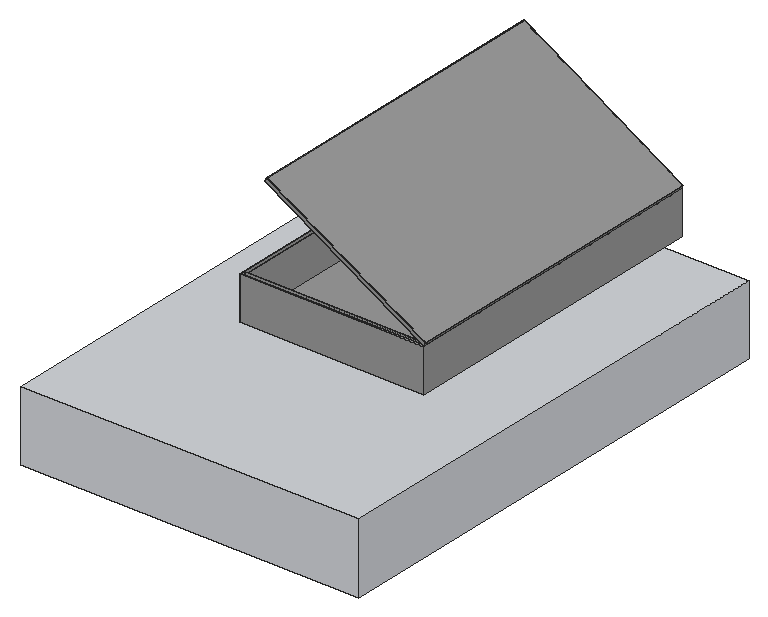
Revit family "Hager-Univers-IP54-D205-H1400-Cl.I-Encl-CH-fr", category Equipement électrique, Revit 2020
Family settings
  Hôte = Face
  Configuration du panneau = Deux colonnes, circuits au sein
  Cote de connecteur circulaire = Utiliser le diamètre
  Type d'élément = Tableau de raccordement
  Couper avec des vides une fois chargée = Non
  Partagée = Non
  Point de calcul de pièce = Non
Parameters (values of type "saillie IP54 L800 H1400 P205  - FP93TW2")
  Width Control [instance] = if([EF000008 - largeur] > Min Width, [EF000008 - largeur], Min Width)  # 800 mm
  Commentaires du type = [HG000003 - Gamme]  # "Univers"
  Thickness Door [instance] = if([EF009171 - épaisseur de matériau de la porte/du couvercle] > 3 mm, 3 mm, [EF009171 - épaisseur de matériau de la porte/du couvercle])  # 1 mm
  Seal Frame Offset [instance] = 17 mm  # constant formula
  Plinth Visibility [instance] = [HG000027 - Hauteur du socle] > 0 mm  # no
  Model = ""
  Min Width [instance] = 100 mm  # constant formula
  Min Height [instance] = 100 mm  # constant formula
  Min Depth [instance] = (2 * [EF009170 - épaisseur de matériau du boîtier]) + 1 mm  # 3 mm
  Internal Frame Depth [instance] = (Door System Depth * 0.5)  # 9 mm
  Height Control [instance] = if([EF000040 - hauteur] > Min Height, [EF000040 - hauteur], Min Height)  # 1400 mm
  HG000027 - Hauteur du socle = 0 mm
  HG000026 - Installation au sol = no
  HG000024 - Hauteur de la section basse = 800 mm
  HG000023 - Armoire double section = no
  HG000016 - Visibilité de la porte 3D [instance] = yes
  HG000015 - Visibilité de l'emprise de la porte [instance] = no
  HG000014 - Porte à droite [instance] = yes
  HG000013 - Porte à gauche [instance] = not([HG000014 - Porte à droite])  # no
  HG000012 - Angle de pivotement de la porte [instance] = 30.00°
  HG000010 - Portes asymétriques = no
  HG000009 - Porte à double battant = no
  HG000006 - Encastré = no
  HG000004 - Référence fabricant = "FP93TW2"
  HG000003 - Gamme = "Univers"
  HG000002 - avec porte = yes
  Frame Offset Bottom [instance] = 10 mm  # constant formula
  Frame Offset [instance] = 15 mm  # constant formula
  EF015940 - couvercle avec décharge de pression = no
  EF011959 - degré de protection (NEMA) = ""
  EF009554 - nombre d'ouvertures pour plaques à bride = 6
  Fabricant = "Hager"  # constant formula
  EF009212 - finition du couvercle = "EV000116 - fermé"
  EF009171 - épaisseur de matériau de la porte/du couvercle = 1 mm
  EF009170 - épaisseur de matériau du boîtier = 1 mm
  EF008873 - courant nominal (In) = 250 A
  EF007800 - adapté à un parafoudre = no
  EF006306 - avec serrure = no
  EF006244 - couvercle/porte transparent(e) = no
  EF005474 - indice de protection (IP) = "EV006419 - IP54"
  EF004464 - type de porte = "EV002646 - unique"
  EF004427 - nombre de modules = 324
  EF004293 - indice de protection contre les chocs (IK) = "EV006815 - IK09"
  EF003532 - convient pour utilisation à l’extérieur = no
  EF002950 - largeur en nombre de modules = 36
  EF001613 - maintien de fonction = "EV000494 - sans"
  EF001596 - matériau du boîtier/corps = "EV000179 - acier"
  EF001131 - profondeur intérieure = 130 mm
  EF001088 - possibilité de montage en saillie = yes
  EF000437 - nombre d'entrées de conduit = 6
  EF000339 - type de capot = "EV001012 - couvercle"
  EF000266 - nombre de rangées = 9
  EF000218 - profondeur d'encastrement = 205 mm
  EF000118 - avec cadre/support de montage = no
  EF000116 - numéro RAL = "9010"
  EF000049 - profondeur = 205 mm
  EF000040 - hauteur = 1400 mm
  EF000008 - largeur = 800 mm
  EF000007 - couleur = "EV000202 - blanc"
  EF000003 - mode de pose = "EV000384 - saillie"
  Door System Leaf Tolerance [instance] = 1.5 mm  # constant formula
  Door System Depth [instance] = 18 mm  # constant formula
  Door Height [instance] = Height Control - [HG000027 - Hauteur du socle]  # 1400 mm
  Depth Control [instance] = if([EF000049 - profondeur] > Min Depth, [EF000049 - profondeur], Min Depth)  # 205 mm
  Default Elevation = 0 mm
  Connector Offset [instance] = Height Control / 2  # 700 mm
  Bottom Top Plate Trim [instance] = 1.5 mm  # constant formula
  Plinth height Ctrl [instance] = if([HG000027 - Hauteur du socle] > 0 mm, [HG000027 - Hauteur du socle], 12 mm)  # 12 mm
Types (5, lengths in mm): name | Width Control | HG000009 - Porte à double battant | HG000004 - Référence fabricant | EF009554 - nombre d'ouvertures pour plaques à bride | EF004464 - type de porte | EF004427 - nombre de modules | EF002950 - largeur en nombre de modules | EF000437 - nombre d'entrées de conduit | EF000008 - largeur
  saillie IP54 L1050 H1400 P205  - FP94TW2 | 1050 | no | "FP94TW2" | 8 | "EV003602 - double" | 432 | 48 | 8 | 1050
  saillie IP54 L1300 H1400 P205  - FP95TW2 | 1300 | yes | "FP95TW2" | 10 | "EV003602 - double" | 540 | 60 | 10 | 1300
  saillie IP54 L300 H1400 P205  - FP91TW2 | 300 | no | "FP91TW2" | 2 | "EV002646 - unique" | 108 | 12 | 2 | 300
  saillie IP54 L550 H1400 P205  - FP92TW2 | 550 | no | "FP92TW2" | 4 | "EV002646 - unique" | 216 | 24 | 4 | 550
  saillie IP54 L800 H1400 P205  - FP93TW2 | 800 | no | "FP93TW2" | 6 | "EV002646 - unique" | 324 | 36 | 6 | 800
Reference planes
  plane 1 "Center (Front/Back)": y = 0
  plane 2: z = 0
  plane 3 "Center (Left/Right)": x = 0
  plane 4: z = 205
  plane 5: y = 1
  plane 6: y = 700
  plane 7: y = 0
  plane 8: y = 1400
  plane 9: z = 0
  plane 10: x = -385
  plane 11: x = 385
  plane 12: x = 384
  plane 13: x = -384
  plane 14: y = 1399
  plane 15: x = -383
  plane 16: x = -400
  plane 17: x = 383
  plane 18: x = 400
  plane 19: x = 399
  plane 20: x = -399
  plane 21: y = 11
  plane 22: y = 1400
  plane 23: y = 1384
  plane 24: z = 187
  plane 25: z = 1
  plane 26: z = 186
  plane 27: z = 204
Forms (mm)
  Extrusion 1, solid
    sketch origin (0, 0, 0) x (1, 0, 0) y (0, 1, 0)
      loop
        line (-702.964, 1305) -> (-702.964, -811.445) -> (766.763, -811.445) -> (766.763, 1305) -> (-702.964, 1305)
    from 0 to -304.8
  Extrusion 2, solid, material "Hager_Steel_RAL7035_Light_Grey", visible <- "Plinth Visibility", detail levels medium+fine
    sketch origin (0, 0, 0) x (1, 0, 0) y (0, 1, 0)
      loop
        line (-400, 0) -> (400, 0) -> (400, 12) -> (-400, 12) -> (-400, 0)
    from 0 to 187
  Extrusion 3, solid, material "Hager_Steel_RAL7035_Light_Grey", detail levels medium+fine
    sketch origin (0, 0, 0) x (1, 0, 0) y (0, 1, 0)
      loop
        line (-400, 0) -> (400, 0) -> (400, 1400) -> (-400, 1400) -> (-400, 0)
    from 0 to 187
  Extrusion 4, void
    sketch origin (0, 0, 0) x (1, 0, 0) y (0, 1, 0)
      loop
        line (-399, 1) -> (399, 1) -> (399, 1399) -> (-399, 1399) -> (-399, 1)
    from 1 to 186
  Extrusion 5, void
    sketch origin (-381.607, -4572, 187) x (0, -1, 0) y (-1, 0, 0)
      loop
        line (-4583, 2.393) -> (-5956, 2.393) -> (-5956, -765.607) -> (-4583, -765.607) -> (-4583, 2.393)
    from 0 to 1 <- "EF009170 - épaisseur de matériau du boîtier"
  Extrusion 6, solid, material "Hager_Steel_RAL7035_Light_Grey", detail levels fine
    sketch origin (0, 0, 187) x (1, 0, 0) y (0, 1, 0)
      loop
        line (-384, 1384) -> (-384, 11) -> (384, 11) -> (384, 1384) -> (-384, 1384)
      loop
        line (-385, 10) -> (385, 10) -> (385, 1385) -> (-385, 1385) -> (-385, 10)
    from 0 to 9 <- "Internal Frame Depth"
  Extrusion 7, solid, material "Hager_Steel_RAL7035_Light_Grey", detail levels coarse
    sketch origin (0, 0, 0) x (1, 0, 0) y (0, 1, 0)
      loop
        line (-400, 0) -> (400, 0) -> (400, 1400) -> (-400, 1400) -> (-400, 0)
    from 0 to 205
  Sweep 8, void
    path in 3D
      loop
        line (-400, 12, 0) -> (400, 12, 0) -> (400, 12, 187) -> (-400, 12, 187) -> (-400, 12, 0)
    profile origin (-400, 12, 93.5) x (-1, 0, 0) y (0, -1, 0)
      loop
        line (0, 0) -> (0, 1.5) -> (-1.5, 1.5)
        arc (-1.5, 1.5) -> (-1.061, 0.439) -> (0, 0) r 1.5
Cuts and joins
  Extrusion 4, Extrusion 5 cuts Extrusion 3
  Sweep 8 cuts Extrusion 2
Lines and regions (mm)
  Masking region 1
    outline origin (0, 0, 0) x (1, 0, 0) y (0, 0, 1)
      loop
        line (-400, 205) -> (-400, 0) -> (400, 0) -> (400, 205) -> (-400, 205)
  Masking region 2, detail levels medium+fine
    outline origin (0, 140, 0) x (0, 1, 0) y (0, 0, 1)
      loop
        line (-140, 0) -> (1260, 0) -> (1260, 187) -> (-140, 187) -> (-140, 0)
  Masking region 3, not visible, detail levels medium+fine
    outline origin (0, 297.922, 0) x (0, 1, 0) y (0, 0, 1)
      loop
        line (413.578, 0) -> (453.578, 0) -> (453.578, 194)
        arc (453.578, 194) -> (450.649, 201.071) -> (443.578, 204) r 10
        line (443.578, 204) -> (413.578, 204) -> (413.578, 0)
  Masking region 4, detail levels coarse
    outline origin (0, 0, 180) x (0, 1, 0) y (0, 0, 1)
      loop
        line (0, -180) -> (1400, -180) -> (1400, 25) -> (0, 25) -> (0, -180)
  Masking region 5, visible <- "Plinth Visibility", detail levels medium+fine
    outline origin (0, 52.24, 12.345) x (0, 0, -1) y (0, 1, 0)
      loop
        line (10.845, -40.24) -> (-173.155, -40.24)
        arc (-173.155, -40.24) -> (-173.594, -41.301) -> (-174.655, -41.74) r 1.5
        line (-174.655, -41.74) -> (-174.655, -52.24) -> (12.345, -52.24) -> (12.345, -41.74)
        arc (12.345, -41.74) -> (11.285, -41.301) -> (10.845, -40.24) r 1.5
  Masking region 6, detail levels medium+fine
    outline origin (-381.607, -4572, 187) x (-1, 0, 0) y (0, -1, 0)
      loop
        line (18.393, -5972) -> (18.393, -4572) -> (-781.607, -4572) -> (-781.607, -5972) -> (18.393, -5972)
  Masking region 7, visible <- "Plinth Visibility", detail levels medium+fine
    outline origin (-381.607, -4727, 187) x (-1, 0, 0) y (0, -1, 0)
      loop
        arc (16.893, -4739) -> (17.332, -4737.939) -> (18.393, -4737.5) r 1.5
        line (18.393, -4737.5) -> (18.393, -4727) -> (-781.607, -4727) -> (-781.607, -4737.5)
        arc (-781.607, -4737.5) -> (-780.546, -4737.939) -> (-780.107, -4739) r 1.5
        line (-780.107, -4739) -> (16.893, -4739)
  Masking region 8, detail levels coarse
    outline origin (-442.548, -4669.526, 187) x (-1, 0, 0) y (0, -1, 0)
      loop
        line (-42.548, -6069.526) -> (-42.548, -4669.526) -> (-842.548, -4669.526) -> (-842.548, -6069.526) -> (-42.548, -6069.526)
  sketch lines
    curve 1: line (-400, 12, 187) -> (-400, 12, 0)
    curve 2: line (400, 12, 187) -> (-400, 12, 187)
    curve 3: line (400, 12, 187) -> (400, 12, 0)
    curve 4: line (-400, 12, 0) -> (400, 12, 0)
Dimensions and locks
  "Depth Control": plane 4 to Extrusion 1
  "HG000027 - Hauteur du socle": plane 1 "Center (Front/Back)" to plane 7
  "EF009170 - épaisseur de matériau du boîtier": plane 5 to plane 7
  locked: connector elem to plane 3 "Center (Left/Right)"
  equal spacing: plane 8, plane 6, plane 7
  locked: connector elem to plane 6
  "EF009170 - épaisseur de matériau du boîtier": plane 8 to plane 14
  "EF009170 - épaisseur de matériau du boîtier": plane 10 to plane 13
  "EF009170 - épaisseur de matériau du boîtier": plane 12 to plane 11
  "Frame Offset": plane 20 to plane 13
  "Frame Offset": plane 12 to plane 19
  "EF009170 - épaisseur de matériau du boîtier": plane 16 to plane 20
  "EF009170 - épaisseur de matériau du boîtier": plane 19 to plane 18
  "Seal Frame Offset": plane 16 to plane 15
  "Seal Frame Offset": plane 17 to plane 18
  "Frame Offset Bottom": plane 21 to plane 5
  "Frame Offset": plane 14 to plane 23
  equal spacing: plane 16, plane 3 "Center (Left/Right)", plane 18
  "Width Control": plane 16 to plane 18
  "EF009170 - épaisseur de matériau du boîtier": plane 4 to plane 27
  "EF009170 - épaisseur de matériau du boîtier": plane 24 to plane 26
  "EF009170 - épaisseur de matériau du boîtier": plane 25 to level
  "Door System Depth": plane 4 to plane 24
  "Height Control": plane 1 "Center (Front/Back)" to Extrusion 7 sketch curve
  "Height Control": Masking region 4 sketch curve to plane 1 "Center (Front/Back)"
  "Height Control": plane 1 "Center (Front/Back)" to plane 22
  "Bottom Top Plate Trim": profile plane to Sweep 8 sketch curve
  "Bottom Top Plate Trim": Sweep 8 sketch curve to profile plane
  "Plinth height Ctrl": plane 1 "Center (Front/Back)" to Extrusion 2 sketch curve
  "Plinth height Ctrl": Masking region 5 sketch curve to plane 1 "Center (Front/Back)"
  "Plinth height Ctrl": plane 1 "Center (Front/Back)" to Masking region 7 sketch curve
  "Thickness Door": Extrusion 6 sketch curve to Extrusion 6 sketch curve  (x3)
  "Thickness Door": cut or joined group of Extrusion 3, Extrusion 4, Extrusion 5 to Extrusion 6 sketch curve
  radius of Masking region 3 sketch curve = 10 mm
  "Bottom Top Plate Trim": radius of Masking region 5 sketch curve  (x2)
  "Bottom Top Plate Trim": radius of Sweep 8 sketch curve
  "Bottom Top Plate Trim": radius of Masking region 7 sketch curve  (x2)
  aligned and locked: plane 2 to Extrusion 1
  aligned and locked: level to Extrusion 1
  aligned and locked: level to Masking region 1 sketch curve
  aligned and locked: Masking region 1 sketch curve to plane 18
  aligned and locked: Masking region 1 sketch curve to plane 16
  aligned and locked: plane 7 to Masking region 2 sketch curve
  aligned and locked: level to Masking region 3 sketch curve
  aligned and locked: Masking region 3 sketch curve to plane 27
  aligned and locked: level to Masking region 2 sketch curve
  aligned and locked: plane 1 "Center (Front/Back)" to Extrusion 2 sketch curve
  aligned and locked: Extrusion 3 sketch curve to plane 7
  aligned and locked: plane 16 to Extrusion 3 sketch curve
  aligned and locked: plane 18 to Extrusion 3 sketch curve
  aligned and locked: plane 20 to Extrusion 4 sketch curve
  aligned and locked: plane 19 to Extrusion 4 sketch curve
  aligned and locked: Extrusion 4 sketch curve to plane 5
  aligned and locked: Extrusion 4 to plane 25
  aligned and locked: plane 26 to Extrusion 4
  aligned and locked: plane 24 to Extrusion 3
  aligned and locked: Extrusion 5 sketch curve to plane 21
  aligned and locked: Extrusion 5 sketch curve to plane 13
  aligned and locked: Extrusion 5 sketch curve to plane 12
  aligned and locked: plane 18 to Extrusion 7 sketch curve
  aligned and locked: plane 1 "Center (Front/Back)" to Extrusion 7 sketch curve
  aligned and locked: plane 16 to Extrusion 7 sketch curve
  aligned and locked: plane 4 to Extrusion 7
  aligned and locked: Extrusion 7 to level
  aligned and locked: level to Masking region 4 sketch curve
  aligned and locked: Masking region 4 sketch curve to plane 1 "Center (Front/Back)"
  aligned and locked: Masking region 4 sketch curve to plane 4
  aligned and locked: nested 1 to level
  aligned and locked: nested 1 to plane 16
  aligned and locked: plane 8 to Extrusion 3 sketch curve
  aligned and locked: plane 23 to Extrusion 5 sketch curve
  aligned and locked: plane 14 to Extrusion 4 sketch curve
  aligned and locked: Masking region 2 sketch curve to plane 8
  aligned and locked: level to Masking region 5 sketch curve
  aligned and locked: plane 16 to Extrusion 2 sketch curve
  aligned and locked: plane 18 to Extrusion 2 sketch curve
  aligned and locked: Masking region 5 sketch curve to plane 24
  aligned and locked: Masking region 2 sketch curve to plane 24
  aligned and locked: plane 24 to Extrusion 2
  aligned and locked: profile plane to Sweep 8 sketch curve  (x2)
  aligned and locked: Masking region 6 sketch curve to plane 18
  aligned and locked: Masking region 6 sketch curve to plane 22
  aligned and locked: Masking region 6 sketch curve to plane 16
  aligned and locked: plane 8 to plane 22
  aligned and locked: Masking region 6 sketch curve to plane 7
  aligned and locked: Masking region 7 sketch curve to plane 16
  aligned and locked: Masking region 7 sketch curve to plane 1 "Center (Front/Back)"
  aligned and locked: Masking region 7 sketch curve to plane 18
  aligned and locked: Masking region 8 sketch curve to plane 1 "Center (Front/Back)"
  aligned and locked: Masking region 8 sketch curve to plane 18
  aligned and locked: Masking region 8 sketch curve to plane 22
  aligned and locked: Masking region 8 sketch curve to plane 16
  aligned and locked: nested 2 to plane 7
  aligned and locked: plane 3 "Center (Left/Right)" to nested 2
  aligned and locked: nested 2 to plane 24
  aligned and locked: Extrusion 6 sketch curve to cut or joined group of Extrusion 3, Extrusion 4, Extrusion 5  (x4)
Automatic sketch dimensions
  Extrusion 1 sketch curve to Extrusion 1 sketch curve = 1469.727 mm
  Extrusion 1 sketch curve to Extrusion 1 sketch curve = 2116.445 mm
  Masking region 1 sketch curve to plane 4 = 0 mm
  plane 6 to Masking region 3 sketch curve = 11.5 mm
  Masking region 3 sketch curve to Masking region 3 sketch curve = 30 mm
  Masking region 5 sketch curve to plane 1 "Center (Front/Back)" = 0 mm
Nested families
  nested 1: "Hager_Enclosure_Symbol" at (-400, 0, 0) x (1, 0, 0) z (0, -1, 0), Height <- "Depth Control", Width <- "Width Control", type "Hager_Enclosure_Symbol"
    with Width_Ctrl 800 mm, Width 800 mm, Height_Ctrl 205 mm, Height 205 mm, A_Width_Int 13.453 mm, A_Width 161.438 mm, A_Height_Ctrl 179.375 mm, A_Height 179.375 mm
  nested 2: "EC000058_Univers_Door" at (0, 0, 187) x (1, 0, 0) z (0, 1, 0), Leaf_Tolerance <- "Door System Leaf Tolerance", Angle <- "HG000012 - Angle de pivotement de la porte", Door_Depth <- "Door System Depth", Door_Left <- "HG000013 - Porte à gauche", Transparent <- "EF006244 - couvercle/porte transparent(e)", Assymetrical <- "HG000010 - Portes asymétriques", Width <- "Width Control", Clearance <- "HG000015 - Visibilité de l'emprise de la porte", Double <- "HG000009 - Porte à double battant", 3d_Door <- "HG000016 - Visibilité de la porte 3D", Lock_Visibility <- "EF006306 - avec serrure", Width_Ctrl <- "Width Control", Door_Right <- "HG000014 - Porte à droite", Door <- "HG000002 - avec porte", Height <- "Door Height", Thickness <- "Thickness Door", type "EC000058_Univers_Door", detail levels medium+fine
    with min_wh 3 mm, Width_Ctrl 800 mm, Width 800 mm, Transparent no, Thickness 1 mm, Seal_Material Hager_Rubber, Lock_Visibility no, Lock_Material Hager_Plastic_RAL9005_Jet_Black, Leaf_Width 800 mm, Leaf_Tolerance_External_Sides 0 mm, Leaf_Tolerance 1.5 mm, Leaf_Offset 0 mm, Leaf_Height 1397 mm, Leaf_2_Width 800 mm, Leaf_2_Offset 400 mm, Leaf_1_Width 800 mm, Leaf_1_Offset 400 mm, Height_Ctrl 1400 mm, Height 1400 mm, Glass_Material Hager_Glass, Double_Clearance_Ctrl no, Double no, Door_Right_Ctrl yes, Door_Right yes, Door_Material Hager_Steel_RAL7035_Light_Grey, Door_Left_Ctrl no, Door_Left no, Door_Depth 18 mm, Door yes, Clearance_Material Hager_Clearance, Clearance_Depth 800 mm, Clearance_Ctrl no, Clearance no, Assymetrical no, Angle 30.00°, 3d_Door yes
Connectors
  electrical at (0, 700, 0)
    settings: on plane 9, index 1, voltage 0 V, apparent load 0 VA, apparent load phase1 0 VA, apparent load phase2 0 VA, apparent load phase3 0 VA, power factor 1, load classification "Other", number of poles 1, system type 30, power factor state 1, is connector primary yes, connector utility no, sub classification motor no, connector description ""
Definition of nested family "EC000058_Univers_Door"
  Parameters (values of type "EC000058_Univers_Door")
    min_wh [instance] = (2 * Thickness) + 1 mm  # 11 mm
    Width_Ctrl [instance] = 400 mm
    Width [instance] = 500 mm
    Transparent [instance] = yes
    Thickness [instance] = 5 mm
    Seal_Material [instance] = none
    Lock_Visibility [instance] = yes
    Lock_Material [instance] = none
    Leaf_Width [instance] = if((Width_Ctrl - 2 * Leaf_Tolerance_External_Sides) > 0 mm, (Width_Ctrl - 2 * Leaf_Tolerance_External_Sides), min_wh)  # 400 mm
    Leaf_Tolerance_External_Sides [instance] = 0 mm  # constant formula
    Leaf_Tolerance [instance] = 1.5 mm
    Leaf_Offset [instance] = 0 mm  # constant formula
    Leaf_Height [instance] = if((Height_Ctrl - 2 * Leaf_Tolerance) > 0 mm, (Height_Ctrl - 2 * Leaf_Tolerance), min_wh)  # 497 mm
    Leaf_2_Width [instance] = if(and(and(Double, Assymetrical), Door_Left), (Leaf_Width / 3) - (Leaf_Tolerance / 2), if(and(and(Double, Assymetrical), Door_Right), (Leaf_Width / 3) * 2 - (Leaf_Tolerance / 2), if(and(Double, not(Assymetrical)), (Leaf_Width / 2) - Leaf_Tolerance, Leaf_Width)))  # 400 mm
    Leaf_2_Offset [instance] = if(and(Double, Assymetrical), Leaf_2_Width / 2, if(and(Double, not(Assymetrical)), Leaf_Width / 4, Leaf_Width / 2))  # 200 mm
    Leaf_1_Width [instance] = if(and(and(Double, Assymetrical), Door_Right), (Leaf_Width / 3) - (Leaf_Tolerance / 2), if(and(and(Double, Assymetrical), Door_Left), (Width / 3) * 2 - (Leaf_Tolerance / 2), if(and(Double, not(Assymetrical)), (Leaf_Width / 2) - Leaf_Tolerance, Leaf_Width)))  # 400 mm
    Leaf_1_Offset [instance] = if(and(Double, Assymetrical), Leaf_1_Width / 2, if(and(Double, not(Assymetrical)), Leaf_Width / 4, Leaf_Width / 2))  # 200 mm
    Height_Ctrl [instance] = if(Height > min_wh, Height, min_wh)  # 500 mm
    Height [instance] = 500 mm
    Glass_Material [instance] = none
    Double_Clearance_Ctrl [instance] = and(Double, Clearance)  # no
    Double [instance] = no
    Door_Right_Ctrl [instance] = and(or(Door_Right, Double), Door)  # yes
    Door_Right [instance] = yes
    Door_Material [instance] = none
    Door_Left_Ctrl [instance] = and(or(Door_Left, Double), Door)  # no
    Door_Left [instance] = no
    Door_Depth [instance] = 30 mm
    Door [instance] = yes
    Default Elevation = 1219.2 mm
    Clearance_Material [instance] = none
    Clearance_Depth [instance] = if(Leaf_1_Width > Leaf_2_Width, Leaf_1_Width, Leaf_2_Width)  # 400 mm
    Clearance_Ctrl [instance] = and(not(Double), Clearance)  # yes
    Clearance [instance] = yes
    Assymetrical [instance] = yes
    Angle [instance] = 30.00°
    3d_Door [instance] = yes
  Reference planes
    plane 1 "Center (Front/Back)": y = 0
    plane 2 "Bottom": z = 0
    plane 3 "Center (Left/Right)": x = 0
    plane 4: z = 500
    plane 5: x = -200
    plane 6: x = 200
    plane 7: z = 500
    plane 8: x = -200
    plane 9: z = 0
    plane 10: x = 200
    plane 11: y = 0
    plane 12: z = 1.5
    plane 13: x = -600
    plane 14: y = -400
    plane 15: x = 600
    plane 16: x = 0
    plane 17: x = 0
    plane 18: x = -200
    plane 19: x = 200
    plane 20: z = 498.5
  Forms (mm)
    Extrusion 1, solid, material <- "Clearance_Material", visible <- "Double_Clearance_Ctrl"
      sketch origin (1200, 0, 0) x (1, 0, 0) y (0, 0, -1)
        loop
          line (-1800, -498.5) -> (-600, -498.5) -> (-600, 0) -> (-1800, 0) -> (-1800, -498.5)
      from 0 to -400
  Dimensions and locks
    equal spacing: plane 5, plane 3 "Center (Left/Right)", plane 6
    "Width_Ctrl": plane 5 to plane 6
    "Leaf_Offset": plane 5 to plane 8
    "Leaf_Offset": plane 6 to plane 10
    "Leaf_Offset": plane 9 to level
    "Leaf_Offset": plane 4 to plane 7
    "Height_Ctrl": plane 4 to level
    "Leaf_Tolerance": plane 12 to plane 9
    locked: plane 11 to plane 1 "Center (Front/Back)"
    "Leaf_1_Offset": plane 18 to plane 16
    "Leaf_2_Offset": plane 17 to plane 19
    "Leaf_1_Width": plane 13 to plane 8
    "Leaf_2_Width": plane 10 to plane 15
    "Clearance_Depth": plane 14 to plane 1 "Center (Front/Back)"
    "Leaf_Tolerance_External_Sides": plane 8 to plane 18
    "Leaf_Tolerance_External_Sides": plane 19 to plane 10
    "Leaf_Tolerance": plane 7 to plane 20
    aligned and locked: level to plane 2 "Bottom"
    aligned and locked: nested 1 to plane 16
    aligned and locked: nested 2 to plane 17
    aligned and locked: Extrusion 1 to plane 13
    aligned and locked: plane 15 to Extrusion 1
    aligned and locked: Extrusion 1 to plane 14
    aligned and locked: plane 12 to nested 1
    aligned and locked: nested 2 to plane 12
    aligned and locked: Extrusion 1 to plane 11
    aligned and locked: plane 20 to Extrusion 1
    aligned and locked: nested 2 to plane 11
    aligned and locked: nested 1 to plane 11
  Automatic sketch dimensions
    Extrusion 1 sketch curve to level = 0 mm
    plane 5 to Extrusion 1 sketch curve = 400 mm
    plane 6 to Extrusion 1 sketch curve = 400 mm
    Extrusion 1 sketch curve to plane 4 = 1.5 mm
  Nested families
    nested 1: "EC000058_Univers_Door_Leaf" at (0, 0, 1.5), Width <- "Leaf_1_Width", visible <- "Door_Left_Ctrl", Leaf_Height <- "Leaf_Height", Angle <- "Angle", 3d_Door <- "3d_Door", Transparent <- "Transparent", Clearance Material <- "Clearance_Material", Clearance <- "Clearance_Ctrl", Door_Material <- "Door_Material", Glass_Material <- "Glass_Material", Door_Depth <- "Door_Depth", Lock_Material <- "Lock_Material", Seal_Material <- "Seal_Material", Lock_Visibility <- "Lock_Visibility", Thickness <- "Thickness", type "EC000058_Univers_Door_Leaf"
      with Width 400 mm, Transparent_Glass_Offset 30 mm, Transparent_Ctrl yes, Transparent yes, Thickness 5 mm, Standard no, Seal_Material none, Seal_D2 8 mm, Seal_D1 1 mm, Offset_Internal_Frame 10 mm, Lock_Width 20 mm, Lock_Visibility_3d yes, Lock_Visibility yes, Lock_Thickness_3 3 mm, Lock_Thickness_2 1 mm, Lock_Thickness_1 3 mm, Lock_Radius_Offset_2 16 mm, Lock_Radius_Offset_1 15 mm, Lock_Radius_2 5 mm, Lock_Radius 6 mm, Lock_Offset 5 mm, Lock_Material none, Lock_Height 80 mm, Lock_Cover_Top_Offset_2d 17 mm, Lock_Cover_Height -65 mm, Leaf_Height 497 mm, Internal_Seal_Thickness 8 mm, Internal_Seal_Depth_2 4.5 mm, Internal_Frame_Depth 25 mm, Glass_Thickness -1 mm, Glass_Offset -2 mm, Glass_Material none, Door_Material none, Door_Depth 30 mm, Clearance Material none, Clearance yes, Angle_Ctrl 30.00°, Angle 30.00°, 3d_Door yes
    nested 2: "EC000058_Univers_Door_Leaf" at (0, 0, 1.5) x (-1, 0, 0) z (0, 0, 1), Width <- "Leaf_2_Width", visible <- "Door_Right_Ctrl", Leaf_Height <- "Leaf_Height", Angle <- "Angle", 3d_Door <- "3d_Door", Transparent <- "Transparent", Clearance Material <- "Clearance_Material", Clearance <- "Clearance_Ctrl", Door_Material <- "Door_Material", Glass_Material <- "Glass_Material", Door_Depth <- "Door_Depth", Lock_Material <- "Lock_Material", Seal_Material <- "Seal_Material", Lock_Visibility <- "Lock_Visibility", Thickness <- "Thickness", type "EC000058_Univers_Door_Leaf"
      with Width 400 mm, Transparent_Glass_Offset 30 mm, Transparent_Ctrl yes, Transparent yes, Thickness 5 mm, Standard no, Seal_Material none, Seal_D2 8 mm, Seal_D1 1 mm, Offset_Internal_Frame 10 mm, Lock_Width 20 mm, Lock_Visibility_3d yes, Lock_Visibility yes, Lock_Thickness_3 3 mm, Lock_Thickness_2 1 mm, Lock_Thickness_1 3 mm, Lock_Radius_Offset_2 16 mm, Lock_Radius_Offset_1 15 mm, Lock_Radius_2 5 mm, Lock_Radius 6 mm, Lock_Offset 5 mm, Lock_Material none, Lock_Height 80 mm, Lock_Cover_Top_Offset_2d 17 mm, Lock_Cover_Height -65 mm, Leaf_Height 497 mm, Internal_Seal_Thickness 8 mm, Internal_Seal_Depth_2 4.5 mm, Internal_Frame_Depth 25 mm, Glass_Thickness -1 mm, Glass_Offset -2 mm, Glass_Material none, Door_Material none, Door_Depth 30 mm, Clearance Material none, Clearance yes, Angle_Ctrl 30.00°, Angle 30.00°, 3d_Door yes
  Definition of nested family "EC000058_Univers_Door_Leaf"
    Parameters (values of type "EC000058_Univers_Door_Leaf")
      Width [instance] = 2000 mm
      Transparent_Glass_Offset [instance] = 30 mm
      Transparent_Ctrl [instance] = and(Transparent, [3d_Door])  # yes
      Transparent [instance] = yes
      Thickness [instance] = 5 mm
      Standard [instance] = and(not(Transparent), [3d_Door])  # no
      Seal_Material [instance] = none
      Seal_D2 [instance] = 8 mm  # constant formula
      Seal_D1 [instance] = 1 mm  # constant formula
      Offset_Internal_Frame [instance] = 10 mm  # constant formula
      Lock_Width [instance] = 20 mm  # constant formula
      Lock_Visibility_3d [instance] = and(Lock_Visibility, [3d_Door])  # yes
      Lock_Visibility [instance] = yes
      Lock_Thickness_3 [instance] = 3 mm  # constant formula
      Lock_Thickness_2 [instance] = 1 mm  # constant formula
      Lock_Thickness_1 [instance] = 3 mm  # constant formula
      Lock_Radius_Offset_2 [instance] = Lock_Radius_Offset_1 + 1 mm  # 16 mm
      Lock_Radius_Offset_1 [instance] = 15 mm  # constant formula
      Lock_Radius_2 [instance] = Lock_Radius - 1 mm  # 5 mm
      Lock_Radius [instance] = 6 mm  # constant formula
      Lock_Offset [instance] = 5 mm  # constant formula
      Lock_Material [instance] = none
      Lock_Height [instance] = 80 mm  # constant formula
      Lock_Cover_Top_Offset_2d [instance] = Lock_Radius_Offset_2 + 1 mm  # 17 mm
      Lock_Cover_Height [instance] = -(Lock_Height - Lock_Radius_Offset_1)  # -65 mm
      Leaf_Height [instance] = 2720.336 mm
      Internal_Seal_Thickness [instance] = 8 mm  # constant formula
      Internal_Seal_Depth_2 [instance] = 4.5 mm  # constant formula
      Internal_Frame_Depth [instance] = if(Door_Depth - Thickness > 5 mm, Door_Depth - Thickness, 5 mm)  # 25 mm
      Glass_Thickness [instance] = if(Thickness > 15 mm, Glass_Offset + 10 mm, -1 mm)  # -1 mm
      Glass_Offset [instance] = if(Thickness > 15 mm, -(Thickness + 10 mm) / 2, -2 mm)  # -2 mm
      Glass_Material [instance] = none
      Door_Material [instance] = none
      Door_Depth [instance] = 30 mm
      Default Elevation = 0 mm
      Clearance Material [instance] = none
      Clearance [instance] = yes
      Angle_Ctrl [instance] = if(Angle > 180.00°, 180.00°, Angle)  # 90.00°
      Angle [instance] = 90.00°
      3d_Door [instance] = yes
    Reference planes
      plane 1 "Center (Front/Back)": y = 0
      plane 2: z = 0
      plane 3 "Center (Left/Right)": x = 0
      plane 4: y = 2000
      plane 5: x = -1000
      plane 6: x = 1000
      plane 7: x = -3000
      plane 8: z = 2720.336
      plane 9: z = 30
      plane 10: z = 2690.336
      plane 11: x = 970
      plane 12: x = -970
      plane 13: y = -3
      plane 14: z = 107.833
      plane 15: y = -5
      plane 16: y = -223.314
      plane 17: x = -1000
      plane 18: z = 1360.168
      plane 19: y = 30
    Forms (mm)
      Extrusion 1, solid, material <- "Clearance Material", visible <- "Clearance"
        sketch origin (0, 0, 0) x (1, 0, 0) y (0, 0, 1)
          loop
            line (-3000, 2720.336) -> (-3000, 0) -> (1000, 0) -> (1000, 2720.336) -> (-3000, 2720.336)
        from 0 to -2000
      Extrusion 2, solid, material <- "Door_Material", visible <- "Standard", detail levels medium+fine
        sketch origin (-1000, 0, 0) x (0, 1, 0) y (-1, 0, 0)
          loop
            line (0, 30) -> (0, 25) -> (2000, 25) -> (2000, 30) -> (0, 30)
        from 0 to 2720.336 <- "Leaf_Height"
      Extrusion 3, solid, material <- "Door_Material", visible <- "Transparent_Ctrl", detail levels medium+fine
        sketch origin (-1000, 0, 0) x (0, 1, 0) y (-1, 0, 0)
          loop
            line (0, 25) -> (2000, 25) -> (2000, 30) -> (0, 30) -> (0, 25)
        from 0 to 2720.336 <- "Leaf_Height"
      Extrusion 4, void
        sketch origin (-1025, 2000, 0) x (0, 1, 0) y (0, 0, -1)
          loop
            line (-30, -2690.336) -> (-30, -30) -> (-1970, -30) -> (-1970, -2690.336) -> (-30, -2690.336)
        from 0 to 5 <- "Thickness"
      Sweep 5, solid, material <- "Seal_Material", visible <- "Transparent_Ctrl", detail levels fine
        path in 3D
          loop
            line (-1025, 30, 30) -> (-1025, 30, 2690.336) -> (-1025, 1970, 2690.336) -> (-1025, 1970, 30) -> (-1025, 30, 30)
        profile origin (-1025, 1000, 30) x (1, 0, 0) y (0, 0, 1)
          loop
            line (0, 0) -> (0, -8) -> (1, -8) -> (1, 0) -> (0, 0)
      Extrusion 6, solid, material <- "Glass_Material", visible <- "Transparent_Ctrl", detail levels medium+fine
        sketch origin (-1030, 0, 0) x (0, 1, 0) y (0, 0, -1)
          loop
            line (1970, -2690.336) -> (1970, -30) -> (30, -30) -> (30, -2690.336) -> (1970, -2690.336)
        from -2 <- "Glass_Offset" to -1 <- "Glass_Thickness"
      Extrusion 7, solid, material <- "Door_Material", visible <- "3d_Door", detail levels medium+fine
        sketch origin (-1025, 2000, 0) x (0, -1, 0) y (0, 0, -1)
          loop
            line (0, -2720.336) -> (2000, -2720.336) -> (2000, 0) -> (0, 0) -> (0, -2720.336)
          loop
            line (1995, -5) -> (5, -5) -> (5, -2715.336) -> (1995, -2715.336) -> (1995, -5)
        from 0 to 25 <- "Internal_Frame_Depth"
      Sweep 8, solid, material <- "Seal_Material", visible <- "Transparent_Ctrl", detail levels fine
        path in 3D
          loop
            line (-1025, 0, 0) -> (-1025, 2000, 0) -> (-1025, 2000, 2720.336) -> (-1025, 0, 2720.336) -> (-1025, 0, 0)
        profile origin (-1025, 0, 1360.168) x (1, 0, 0) y (0, 1, 0)
          loop
            line (0, 10) -> (2.975, 10)
            arc (2.975, 10) -> (4.053, 10.447) -> (4.5, 11.525) r 1.525
            line (4.5, 11.525) -> (4.5, 16.527)
            arc (4.5, 16.527) -> (4.069, 17.569) -> (3.027, 18) r 1.473
            line (3.027, 18) -> (0, 18) -> (0, 10)
      Extrusion 9, solid, material <- "Lock_Material", visible <- "Lock_Visibility_3d", detail levels fine
        sketch origin (-1030, 0, 0) x (0, 1, 0) y (0, 0, -1)
          loop
            arc (1993.5, -1400.168) -> (1994.561, -1399.729) -> (1995, -1398.668) r 1.5
            line (1995, -1398.668) -> (1995, -1320.168) -> (1975, -1320.168) -> (1975, -1398.668)
            arc (1975, -1398.668) -> (1975.439, -1399.729) -> (1976.5, -1400.168) r 1.5
            line (1976.5, -1400.168) -> (1993.5, -1400.168)
        from 3 <- "Lock_Thickness_1" to 0
      Blend 10, solid, material <- "Lock_Material", visible <- "Lock_Visibility_3d", detail levels fine
        base sketch origin (-1033, 0, 0) x (0, 1, 0) y (0, 0, -1)
          loop
            line (1975, -1320.168) -> (1975, -1398.668)
            arc (1975, -1398.668) -> (1975.439, -1399.729) -> (1976.5, -1400.168) r 1.5
            line (1976.5, -1400.168) -> (1993.5, -1400.168)
            arc (1993.5, -1400.168) -> (1994.561, -1399.729) -> (1995, -1398.668) r 1.5
            line (1995, -1398.668) -> (1995, -1320.168) -> (1975, -1320.168)
        top sketch origin (-1033, 0, 0) x (0, 1, 0) y (0, 0, -1)
          loop
            line (1976, -1320.168) -> (1976, -1398.668)
            arc (1976, -1398.668) -> (1976.146, -1399.022) -> (1976.5, -1399.168) r 0.5
            line (1976.5, -1399.168) -> (1993.5, -1399.168)
            arc (1993.5, -1399.168) -> (1993.854, -1399.022) -> (1994, -1398.668) r 0.5
            line (1994, -1398.668) -> (1994, -1320.168) -> (1976, -1320.168)
        from 0 to 1 <- "Lock_Thickness_2"
      Blend 11, solid, material <- "Lock_Material", visible <- "Lock_Visibility_3d", detail levels fine
        base sketch origin (-1034, 0, 0) x (0, 1, 0) y (0, 0, -1)
          loop
            line (1978, -1320.168) -> (1978, -1384.168)
            arc (1978, -1384.168) -> (1985, -1391.168) -> (1992, -1384.168) r 7
            line (1992, -1384.168) -> (1992, -1320.168) -> (1978, -1320.168)
        top sketch origin (-1034, 0, 0) x (0, 1, 0) y (0, 0, -1)
          loop
            line (1991, -1320.168) -> (1979, -1320.168) -> (1979, -1383.168)
            arc (1979, -1383.168) -> (1985, -1389.168) -> (1991, -1383.168) r 6
            line (1991, -1383.168) -> (1991, -1320.168)
        from 0 to 3 <- "Lock_Thickness_3"
      Extrusion 12, solid, material <- "Lock_Material", visible <- "Lock_Visibility_3d", detail levels fine
        sketch origin (-1030, 1975, 1320.168) x (1, 0, 0) y (0, -1, 0)
          loop
            line (-7, -19) -> (-7, -1) -> (0, -1) -> (0, 0) -> (-8, 0) -> (-8, -20) -> (0, -20) -> (0, -19) -> (-7, -19)
        from 0 to -65 <- "Lock_Cover_Height"
      Extrusion 13, void
        sketch origin (-1038, 1995, 1320.168) x (-1, 0, 0) y (0, 0, -1)
          loop
            line (-5, -65) -> (0, -65) -> (-5, -60) -> (-5, -65)
        from 0 to 20 <- "Lock_Width"
      Extrusion 14, void
        sketch origin (-1038, 1975, 1320.168) x (0, -1, 0) y (0, 0, -1)
          loop
            circle (-10, -15.995) r 6
          loop
            circle (-10, -15.995) r 5
        from 0 to 2
      Extrusion 15, solid, material <- "Lock_Material", visible <- "Lock_Visibility_3d", detail levels medium
        sketch origin (-1030, 0, 0) x (0, 1, 0) y (0, 0, -1)
          loop
            arc (1993.5, -1400.168) -> (1994.561, -1399.729) -> (1995, -1398.668) r 1.5
            line (1995, -1398.668) -> (1995, -1320.168) -> (1975, -1320.168) -> (1975, -1398.668)
            arc (1975, -1398.668) -> (1975.439, -1399.729) -> (1976.5, -1400.168) r 1.5
            line (1976.5, -1400.168) -> (1993.5, -1400.168)
        from 8 to 0
    Cuts and joins
      Extrusion 4 cuts Extrusion 3
      Extrusion 13, Extrusion 14 cuts Extrusion 9
      Extrusion 14 cuts Blend 11
      Extrusion 13, Extrusion 14 cuts Extrusion 12
      joined: Extrusion 9, Blend 10, Blend 11, Extrusion 12
      Extrusion 14 cuts Extrusion 15
    Lines and regions (mm)
      Masking region 1, visible <- "Lock_Visibility", detail levels fine
        outline origin (0, 0, 0) x (0, 1, 0) y (0, 0, 1)
          loop
            line (30, 1320.168) -> (33, 1320.168) -> (33, 1400.168) -> (30, 1400.168) -> (30, 1320.168)
      Masking region 2, visible <- "Lock_Visibility", detail levels fine
        outline origin (0, 3.143, 0) x (0, 1, 0) y (0, 0, 1)
          loop
            line (29.857, 1354.168) -> (30.857, 1354.168) -> (30.857, 1366.168) -> (29.857, 1366.168) -> (29.857, 1354.168)
      Masking region 3, detail levels medium+fine
        outline origin (0, 0, 0) x (0, 1, 0) y (0, 0, 1)
          loop
            line (0, 0) -> (30, 0) -> (30, 2720.336) -> (0, 2720.336) -> (0, 0)
      Masking region 4, detail levels medium+fine
        outline origin (0, 0, 0) x (1, 0, 0) y (0, 0, 1)
          loop
            line (-1000, 2720.336) -> (-1000, 0) -> (1000, 0) -> (1000, 2720.336) -> (-1000, 2720.336)
      Masking region 5, visible <- "Lock_Visibility", detail levels fine
        outline origin (-47.116, 0, 0) x (1, 0, 0) y (0, 0, 1)
          loop
            arc (1024.616, 1399.168) -> (1023.556, 1398.729) -> (1023.116, 1397.668) r 1.5
            line (1023.116, 1397.668) -> (1023.116, 1320.168) -> (1041.116, 1320.168) -> (1041.116, 1397.668)
            arc (1041.116, 1397.668) -> (1040.677, 1398.729) -> (1039.616, 1399.168) r 1.5
            line (1039.616, 1399.168) -> (1024.616, 1399.168)
      Masking region 6, visible <- "Lock_Visibility", detail levels medium+fine
        outline origin (-25, 0, 0) x (1, 0, 0) y (0, 0, 1)
          loop
            arc (1001.5, 1400.168) -> (1000.439, 1399.729) -> (1000, 1398.668) r 1.5
            line (1000, 1398.668) -> (1000, 1320.168) -> (1020, 1320.168) -> (1020, 1398.668)
            arc (1020, 1398.668) -> (1019.561, 1399.729) -> (1018.5, 1400.168) r 1.5
            line (1018.5, 1400.168) -> (1001.5, 1400.168)
      Masking region 7, visible <- "Lock_Visibility", detail levels fine
        outline origin (-73.735, 0, 0) x (1, 0, 0) y (0, 0, 1)
          loop
            line (1051.735, 1382.168) -> (1065.735, 1382.168) -> (1065.735, 1384.168)
            arc (1065.735, 1384.168) -> (1058.735, 1391.168) -> (1051.735, 1384.168) r 7
            line (1051.735, 1384.168) -> (1051.735, 1382.168)
      Masking region 8, visible <- "Lock_Visibility", detail levels fine
        outline origin (-73.735, 0, 0) x (1, 0, 0) y (0, 0, 1)
          loop
            line (1052.735, 1382.168) -> (1064.735, 1382.168) -> (1064.735, 1383.168)
            arc (1064.735, 1383.168) -> (1058.735, 1389.168) -> (1052.735, 1383.168) r 6
            line (1052.735, 1383.168) -> (1052.735, 1382.168)
      Masking region 9, visible <- "Lock_Visibility", detail levels fine
        outline origin (-25, 0, 0) x (1, 0, 0) y (0, 0, 1)
          loop
            line (1020, 1320.168) -> (1020, 1382.168) -> (1000, 1382.168) -> (1000, 1320.168) -> (1020, 1320.168)
      Masking region 10, detail levels medium+fine
        outline origin (0, 0, 0) x (1, 0, 0) y (0, 0, 1)
          loop
            circle (985, 1335.144) r 6
      Masking region 11, detail levels fine
        outline origin (0, 0, 0) x (1, 0, 0) y (0, 0, 1)
          loop
            circle (985, 1335.144) r 5
      Masking region 12, visible <- "Lock_Visibility", detail levels fine
        outline origin (0, 12.767, 0) x (0, 1, 0) y (0, 0, 1)
          loop
            line (20.233, 1320.168) -> (21.233, 1320.168) -> (21.233, 1399.168) -> (20.233, 1400.168) -> (20.233, 1320.168)
      Masking region 13, visible <- "Lock_Visibility", detail levels fine
        outline origin (0, 13.767, -10) x (0, 1, 0) y (0, 0, 1)
          loop
            line (20.233, 1330.168) -> (23.233, 1330.168) -> (23.233, 1399.168) -> (20.233, 1402.168) -> (20.233, 1330.168)
      Masking region 14, visible <- "Lock_Visibility", detail levels fine
        outline origin (0, 12.767, -10) x (0, 1, 0) y (0, 0, 1)
          loop
            line (20.233, 1330.168) -> (25.233, 1330.168) -> (25.233, 1399.305) -> (20.233, 1394.305) -> (20.233, 1330.168)
      Masking region 15, visible <- "Lock_Visibility", detail levels medium
        outline origin (0, 0, 0) x (0, 1, 0) y (0, 0, 1)
          loop
            line (30, 1320.168) -> (38, 1320.168) -> (38, 1400.168) -> (30, 1400.168) -> (30, 1320.168)
      Masking region 16, visible <- "Lock_Visibility", detail levels fine
        outline origin (-1000, 0, 0) x (0, 1, 0) y (-1, 0, 0)
          loop
            line (1975, 30) -> (1995, 30) -> (1995, 38) -> (1975, 38) -> (1975, 30)
          loop
            line (1979, 37) -> (1976, 37) -> (1976, 34) -> (1978, 34) -> (1979, 37)
          loop
            line (1994, 37) -> (1991, 37) -> (1992, 34) -> (1994, 34) -> (1994, 37)
      Masking region 17, visible <- "Lock_Visibility", detail levels medium
        outline origin (-1000, 0, 0) x (0, 1, 0) y (-1, 0, 0)
          loop
            line (1975, 30) -> (1995, 30) -> (1995, 38) -> (1975, 38) -> (1975, 30)
      symbolic lines
        curve 1: line (1000, 0, 0) -> (-3000, 0, 0)
        curve 2: arc (1000, 0, 0) -> (-1000, 2000, 0) -> (-3000, 0, 0) r 2000
        curve 4: line (-1030, 0, 0) -> (-1030, 2000, 0)
      reference lines
        curve 3: line (-1000, 0, 0) -> (-1000, 2000, 0)
      symbolic lines, detail levels medium+fine
        curve 5: line (-1030, 2000, 0) -> (-1025, 2000, 0)
        curve 7: line (-1025, 0, 0) -> (-1030, 0, 0)
        curve 8: line (-1025, 0, 0) -> (-1000, 0, 0)
        curve 9: line (-1000, 0, 0) -> (-1000, 2000, 0)
        curve 10: line (-1000, 2000, 0) -> (-1025, 2000, 0)
      symbolic lines, detail levels fine
        curve 6: line (-1025, 2000, 0) -> (-1025, 0, 0)
      sketch lines
        curve 11: line (-1025, 0, 2720.336) -> (-1025, 0, 0)
        curve 12: line (-1025, 2000, 0) -> (-1025, 0, 0)
        curve 13: line (-1025, 2000, 2720.336) -> (-1025, 2000, 0)
        curve 14: line (-1025, 0, 2720.336) -> (-1025, 2000, 2720.336)
        curve 15: line (-1025, 1970, 30) -> (-1025, 30, 30)
        curve 16: line (-1025, 30, 30) -> (-1025, 30, 2690.336)
        curve 17: line (-1025, 1970, 2690.336) -> (-1025, 1970, 30)
        curve 18: line (-1025, 30, 2690.336) -> (-1025, 1970, 2690.336)
      symbolic lines, visible <- "Transparent", detail levels medium+fine
        curve 19: line (-970, 0, 2690.336) -> (970, 0, 2690.336)
        curve 20: line (-970, 0, 30) -> (-970, 0, 2690.336)
        curve 21: line (970, 0, 30) -> (-970, 0, 30)
        curve 22: line (970, 0, 2690.336) -> (970, 0, 30)
    Dimensions and locks
      "Width": plane 1 "Center (Front/Back)" to plane 4
      equal spacing: plane 5, plane 3 "Center (Left/Right)", plane 6
      "Width": plane 5 to plane 6
      "Width": plane 7 to plane 5
      "Leaf_Height": plane 8 to level
      "Width": curve 5 to curve 3
      "Width": curve 3 to curve 3
      plane 8 to plane 10 = 30 mm
      plane 9 to level = 30 mm
      plane 12 to plane 5 = 30 mm
      plane 6 to plane 11 = 30 mm
      Extrusion 1 to Extrusion 4 sketch curve = 30 mm
      "Transparent_Glass_Offset": curve 3 to Extrusion 4 sketch curve
      "Transparent_Glass_Offset": Extrusion 4 sketch curve to cut or joined group of Extrusion 3, Extrusion 4  (x2)
      cut or joined group of Extrusion 3, Extrusion 4 to Extrusion 6 sketch curve = 30 mm
      "Transparent_Glass_Offset": cut or joined group of Extrusion 3, Extrusion 4 to Extrusion 4 sketch curve
      "Thickness": curve 6 to curve 4
      "Thickness": Extrusion 7 sketch curve to Extrusion 7 sketch curve  (x4)
      "Door_Depth": curve 4 to curve 3
      "Offset_Internal_Frame": profile plane to Sweep 8 sketch curve
      "Internal_Seal_Thickness": Sweep 8 sketch curve to Sweep 8 sketch curve
      "Internal_Seal_Depth_2": profile plane to Sweep 8 sketch curve
      "Seal_D1": profile plane to Sweep 5 sketch curve
      "Seal_D2": profile plane to Sweep 5 sketch curve
      "Thickness": Extrusion 2 sketch curve to Extrusion 2 sketch curve
      equal spacing: Extrusion 9 sketch curve, plane 18, Extrusion 9 sketch curve  (x2)
      equal spacing: Masking region 1 sketch curve, plane 18, Masking region 1 sketch curve
      "Lock_Height": Masking region 1 sketch curve to Masking region 1 sketch curve
      "Lock_Radius": Masking region 2 sketch curve to plane 18 to Masking region 2 sketch curve
      Masking region 2 sketch curve to Masking region 1 = 1 mm
      "Door_Depth": plane 19 to plane 1 "Center (Front/Back)"
      "Lock_Thickness_1": Masking region 1 sketch curve to plane 19
      "Lock_Width": Extrusion 9 sketch curve to Extrusion 9 sketch curve
      "Lock_Height": Extrusion 9 sketch curve to Extrusion 9 sketch curve
      "Lock_Offset": cut or joined group of Extrusion 3, Extrusion 4 to Extrusion 9 sketch curve
      equal spacing: plane 8, plane 18, level
      "Lock_Radius_Offset_1": Blend 11 sketch curve to Blend 10
      locked: Blend 10 to Blend 11 sketch curve at 2  (x2)
      locked: var sketch to Blend 11 sketch curve at 1  (x2)
      "Lock_Radius_Offset_2": Blend 11 sketch curve to Blend 10
      locked: Extrusion 12 sketch curve to Extrusion 12 sketch curve at 1  (x3)
      Masking region 6 sketch curve to Masking region 6 sketch curve = 80 mm
      "Lock_Height": Masking region 6 sketch curve to Masking region 6 sketch curve
      "Lock_Width": Masking region 6 sketch curve to Masking region 6 sketch curve
      locked: Masking region 6 to Masking region 5 sketch curve at 1  (x3)
      locked: Masking region 5 to Masking region 7 sketch curve at 2  (x2)
      "Lock_Radius_Offset_1": Masking region 5 to Masking region 7 sketch curve
      "Lock_Radius_Offset_2": Masking region 5 to Masking region 8 sketch curve
      locked: Masking region 7 to Masking region 8 sketch curve at 1  (x2)
      "Lock_Cover_Top_Offset_2d": Masking region 5 to Masking region 9 sketch curve
      equal spacing: Masking region 9, Masking region 10 sketch curve, Masking region 9
      equal spacing: Masking region 9, Masking region 11 sketch curve, Masking region 9
      Extrusion 15 sketch curve to Extrusion 15 sketch curve = 80 mm
      "Lock_Width": Extrusion 15 sketch curve to Extrusion 15 sketch curve
      "Lock_Height": Extrusion 15 sketch curve to Extrusion 15 sketch curve
      equal spacing: Extrusion 15 sketch curve, plane 18, Extrusion 15 sketch curve
      "Lock_Thickness_3": Masking region 13 sketch curve to Masking region 13 sketch curve
      "Lock_Height": Masking region 12 sketch curve to Masking region 12 sketch curve
      locked: Masking region 13 sketch curve to Masking region 1 at 8
      locked: Masking region 14 sketch curve to Masking region 13 at 1
      locked: Masking region 14 sketch curve to Masking region 1 at 10.863
      "Lock_Height": Masking region 15 sketch curve to Masking region 15 sketch curve
      "Lock_Offset": Extrusion 15 sketch curve to cut or joined group of Extrusion 3, Extrusion 4
      "Lock_Offset": plane 6 to Masking region 6 sketch curve
      radius of Sweep 8 sketch curve = 1.525 mm
      radius of Sweep 8 sketch curve = 1.473 mm
      radius of Extrusion 9 sketch curve = 1.5 mm  (x2)
      "Lock_Radius": radius of Extrusion 14 sketch curve
      "Lock_Radius_2": radius of Extrusion 14 sketch curve
      "Lock_Radius": radius of Masking region 10 sketch curve
      "Lock_Radius_2": radius of Masking region 11 sketch curve
      radius of Extrusion 15 sketch curve = 1.5 mm  (x2)
      "Angle_Ctrl": angle plane 1 "Center (Front/Back)" to curve 3
      locked: Masking region 12 sketch curve to Masking region 12 sketch curve (angle 45.00°)
      locked: Masking region 13 sketch curve to Masking region 13 sketch curve (angle 45.00°)
      locked: Masking region 14 sketch curve to Masking region 14 sketch curve (angle 45.00°)
      aligned and locked: level to plane 2
      aligned and locked: Extrusion 1 to curve 1
      aligned and locked: plane 6 to Extrusion 1
      aligned and locked: Extrusion 1 to plane 1 "Center (Front/Back)"
      aligned and locked: plane 4 to Extrusion 1
      aligned and locked: plane 8 to Extrusion 1
      aligned and locked: curve 7 to Extrusion 2 sketch curve
      aligned and locked: curve 5 to Extrusion 2 sketch curve
      aligned and locked: curve 7 to Extrusion 3 sketch curve
      aligned and locked: Extrusion 3 sketch curve to curve 4
      aligned and locked: Extrusion 3 sketch curve to curve 6
      aligned and locked: Extrusion 3 sketch curve to curve 5
      aligned and locked: curve 9 to curve 3
      aligned and locked: Extrusion 7 sketch curve to cut or joined group of Extrusion 3, Extrusion 4  (x4)
      aligned and locked: plane 17 to curve 3
      aligned and locked: plane 1 "Center (Front/Back)" to curve 3
      aligned and locked: plane 17 to plane 5
      aligned and locked: Sweep 8 sketch curve to profile plane
      aligned and locked: Sweep 5 sketch curve to profile plane  (x2)
      aligned and locked: Masking region 1 to Masking region 2 sketch curve
      aligned and locked: plane 19 to Masking region 1 sketch curve
      aligned and locked: plane 1 "Center (Front/Back)" to Masking region 3 sketch curve
      aligned and locked: plane 19 to Masking region 3 sketch curve
      aligned and locked: level to Masking region 3 sketch curve
      aligned and locked: Masking region 3 sketch curve to plane 8
      aligned and locked: plane 17 to Masking region 4 sketch curve
      aligned and locked: level to Masking region 4 sketch curve
      aligned and locked: Masking region 4 sketch curve to plane 8
      aligned and locked: plane 12 to curve 20
      aligned and locked: plane 10 to curve 19
      aligned and locked: plane 11 to curve 22
      aligned and locked: curve 21 to plane 9
      aligned and locked: Extrusion 2 sketch curve to cut or joined group of Extrusion 3, Extrusion 4
      aligned and locked: Blend 10 sketch curve to Extrusion 9  (x4)
      aligned and locked: Extrusion 9 to Blend 10 sketch curve
      aligned and locked: Blend 10 to Blend 11 sketch curve
      aligned and locked: Extrusion 12 sketch curve to Blend 11
      aligned and locked: Extrusion 12 sketch curve to Extrusion 9  (x4)
      aligned and locked: Masking region 5 sketch curve to Masking region 6
      aligned and locked: Masking region 9 sketch curve to Masking region 6  (x3)
      aligned and locked: Masking region 12 sketch curve to Masking region 1
      aligned and locked: Masking region 13 sketch curve to Masking region 1
      aligned and locked: Masking region 12 to Masking region 14
      aligned and locked: Masking region 14 sketch curve to Masking region 1
      aligned and locked: Masking region 15 sketch curve to Masking region 14
      aligned and locked: Masking region 13 sketch curve to Masking region 12
      aligned and locked: Masking region 16 sketch curve to cut or joined group of Extrusion 14, Extrusion 15  (x4)
      aligned and locked: Masking region 16 sketch curve to cut or joined group of Extrusion 9, Blend 10, Blend 11, Extrusion 12, Extrusion 13, Extrusion 14  (x6)
      aligned and locked: cut or joined group of Extrusion 9, Blend 10, Blend 11, Extrusion 12, Extrusion 13, Extrusion 14 to Masking region 16 sketch curve
      aligned and locked: Masking region 17 sketch curve to cut or joined group of Extrusion 14, Extrusion 15  (x3)
      aligned and locked: Masking region 17 sketch curve to cut or joined group of Extrusion 9, Blend 10, Blend 11, Extrusion 12, Extrusion 13, Extrusion 14
      aligned and locked: Masking region 9 to Masking region 8 sketch curve
      aligned and locked: Masking region 9 to Masking region 7 sketch curve
    Automatic sketch dimensions
      plane 1 "Center (Front/Back)" to curve 2 = 0 mm
      curve 2 to plane 5 = 0 mm
      Extrusion 1 sketch curve to level = 0 mm
      Extrusion 1 sketch curve to plane 7 = 0 mm
      Extrusion 1 sketch curve to plane 6 = 0 mm
      Extrusion 1 sketch curve to plane 8 = 0 mm
      Extrusion 3 to Extrusion 6 sketch curve = 30 mm  (x4)
      Masking region 4 sketch curve to plane 6 = 0 mm
      Blend 10 sketch curve to Extrusion 9 = 1.5 mm
      Blend 10 sketch curve to Extrusion 9 = 1 mm
      Extrusion 13 sketch curve to Extrusion 12 = 0 mm  (x2)
      Extrusion 12 to Extrusion 13 sketch curve = 3 mm
      Extrusion 13 sketch curve to Extrusion 12 = 5 mm
      Extrusion 14 sketch curve to Extrusion 14 sketch curve = 0 mm  (x2)
      Extrusion 14 sketch curve to Extrusion 12 = 10 mm
      Extrusion 14 sketch curve to Extrusion 12 = 15.995 mm
      Masking region 5 sketch curve to Masking region 5 sketch curve = 1.5 mm  (x2)
      Masking region 10 sketch curve to plane 18 = 25.024 mm
      Masking region 11 sketch curve to plane 18 = 25.024 mm
      plane 19 to Masking region 14 sketch curve = 3 mm
      Masking region 16 sketch curve to Masking region 16 sketch curve = 3 mm
      curve 4 to curve 3 = 0 mm
      Blend 10 to Blend 11 sketch curve = 0 mm
      Masking region 6 sketch curve to Masking region 6 sketch curve = 1.5 mm  (x2)
      Masking region 6 sketch curve to plane 18 = 40 mm
      plane 19 to Masking region 12 sketch curve = 3 mm
      Masking region 12 sketch curve to Masking region 12 sketch curve = 1 mm
      Masking region 15 sketch curve to plane 19 = 0 mm
      Masking region 15 sketch curve to plane 18 = 40 mm
      radius of Blend 10 sketch curve to Extrusion 9 = 1 mm
Definition of nested family "Hager_Enclosure_Symbol"
  Parameters (values of type "Hager_Enclosure_Symbol")
    Width_Ctrl [instance] = if(Width > 1 mm, Width, 1 mm)  # 102.27 mm
    Width [instance] = 102.27 mm
    Height_Ctrl [instance] = if(Height > 1 mm, Height, 1 mm)  # 66.5 mm
    A_Width_Int [instance] = if(A_Width / 12 > 2 mm, A_Width / 12, 2 mm)  # 4.364 mm
    A_Width [instance] = if(A_Height_Ctrl * 0.9 > 2 mm, A_Height_Ctrl * 0.9, 2 mm)  # 52.369 mm
    A_Height_Ctrl [instance] = if(A_Height > 2 mm, A_Height, 2 mm)  # 58.188 mm
    Height [instance] = 66.5 mm
    A_Height [instance] = Height - (Height / 8)  # 58.188 mm
  Reference planes
    plane 1 "Centre (avant/arrière)": y = 0
    plane 2: z = 0
    plane 3 "Centre (gauche/droite)": x = 0
    plane 4: x = 52.369
    plane 5: y = 33.042
    plane 6: y = 41.77
    plane 7: y = 66.5
    plane 8: x = 26.184
    plane 9: y = 37.406
    plane 10: x = 102.27
    plane 11: y = 66.5
    plane 12: y = 8.313
  Lines and regions (mm)
    Filled region 1, type "Solid_Black", in view "Niveau de réf."
      outline origin (0, 0, 0) x (1, 0, 0) y (0, 1, 0)
        loop
          line (52.369, 66.5) -> (33.188, 54.536) -> (45.365, 45.006) -> (52.369, 66.5)
    Filled region 2, type "Solid_Black", in view "Niveau de réf."
      outline origin (0, 0, 0) x (1, 0, 0) y (0, 1, 0)
        loop
          line (0, 0) -> (102.27, 0) -> (102.27, 66.5) -> (0, 0)
    detail lines, in view "Niveau de réf."
      curve 1: line (0, 8.313, 0) -> (26.184, 41.77, 0)
      curve 2: line (26.184, 41.77, 0) -> (26.184, 33.042, 0)
      curve 3: line (26.184, 33.042, 0) -> (52.369, 66.5, 0)
  Dimensions and locks
    "A_Width": plane 3 "Centre (gauche/droite)" to plane 4
    equal spacing: plane 3 "Centre (gauche/droite)", plane 8, plane 4
    equal spacing: plane 6, plane 9, plane 5
    equal spacing: curve 3, Filled region 1 sketch curve, Filled region 1 sketch curve
    "Height_Ctrl": plane 1 "Centre (avant/arrière)" to plane 11
    "A_Height_Ctrl": plane 11 to plane 12
    equal spacing: plane 11, plane 9, plane 12
    "A_Width_Int": plane 6 to plane 9
    "Width_Ctrl": plane 3 "Centre (gauche/droite)" to plane 10
    angle Filled region 1 sketch curve to curve 3 = 20.00°
    angle curve 3 to Filled region 1 sketch curve = 20.00°
    locked: curve 3 to Filled region 1 sketch curve (angle 90.00°)
    aligned and locked: plane 10 to Filled region 2
    aligned and locked: plane 11 to Filled region 2 sketch curve
    aligned and locked: plane 10 to Filled region 2 sketch curve
    aligned and locked: plane 3 "Centre (gauche/droite)" to curve 1
    aligned and locked: plane 12 to curve 1
    aligned and locked: plane 7 to plane 11
  Automatic sketch dimensions
    Filled region 1 sketch curve to plane 4 = 0 mm
    Filled region 1 sketch curve to plane 7 = 0 mm
    plane 1 "Centre (avant/arrière)" to Filled region 2 sketch curve = 0 mm
    Filled region 2 sketch curve to plane 3 "Centre (gauche/droite)" = 0 mm
    curve 2 to plane 6 = 0 mm
    curve 2 to plane 8 = 0 mm
    curve 3 to plane 4 = 0 mm
    curve 2 to plane 5 = 0 mm
    curve 3 to plane 7 = 0 mm
